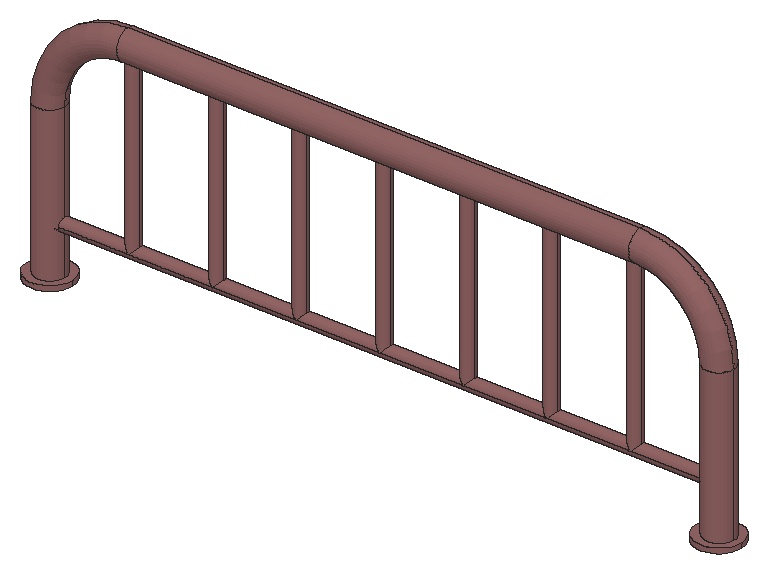
Revit family
Parameters (values of type "2590mm")
  재료 = 금속 - 페인트 마감 - 인디언 빨간색, 무광
Reference planes
  plane 1 "중심(앞/뒤)": y = 0
  plane 2: z = 0
  plane 3 "중심(왼쪽/오른쪽)": x = 483.391
  plane 4: x = -812.009
  plane 5: x = 1778.791
  plane 6: z = 914.4
  plane 7: z = 203.2
  plane 8: x = -488.159
  plane 9: x = -164.309
  plane 10: x = 159.541
  plane 11: x = 807.241
  plane 12: x = 1131.091
  plane 13: x = 1454.941
Forms (mm)
  Sweep 1, solid, material "금속 - 페인트 마감 - 인디언 빨간색, 무광" <- "재료"
    path origin (0, 0, 0) x (1, 0, 0) y (0, 0, 1)
      loop
        line (-812.009, 0) -> (-812.009, 609.6)
        arc (-812.009, 609.6) -> (-722.736, 825.126) -> (-507.209, 914.4) r 304.8
        line (-507.209, 914.4) -> (1473.991, 914.4)
        arc (1473.991, 914.4) -> (1689.517, 825.126) -> (1778.791, 609.6) r 304.8
        line (1778.791, 609.6) -> (1778.791, 0)
    profile origin (0, 0, 304.8) x (-1, 0, 0) y (0, -1, 0)
      loop
        circle (812.009, 0) r 57.15
  Extrusion 2, solid, material "금속 - 페인트 마감 - 인디언 빨간색, 무광" <- "재료"
    sketch origin (0, 0, 0) x (1, 0, 0) y (0, 1, 0)
      loop
        circle (-812.009, 0) r 88.9
      loop
        circle (1778.791, 0) r 88.9
    from 0 to 19.05
  Extrusion 3, solid, material "금속 - 페인트 마감 - 인디언 빨간색, 무광" <- "재료"
    sketch origin (483.391, 0, 0) x (0, 1, 0) y (0, 0, 1)
      loop
        circle (0, 203.2) r 25.4
    from -1295.4 to 1295.4
  Extrusion 4, solid, material "금속 - 페인트 마감 - 인디언 빨간색, 무광" <- "재료"
    sketch origin (0, 0, 0) x (1, 0, 0) y (0, 1, 0)
      loop
        circle (-488.159, 0) r 25.4
      loop
        circle (-164.309, 0) r 25.4
      loop
        circle (159.541, 0) r 25.4
      loop
        circle (483.391, 0) r 25.4
      loop
        circle (807.241, 0) r 25.4
      loop
        circle (1131.091, 0) r 25.4
      loop
        circle (1454.941, 0) r 25.4
    from 203.2 to 914.4
Lines and regions (mm)
  symbolic lines, style "대지 액세서리"
    curve 1: line (1778.791, 57.15, 0) -> (-812.009, 57.15, 0)
    curve 2: line (-812.009, -57.15, 0) -> (1778.791, -57.15, 0)
    curve 3: arc (1778.791, -57.15, 0) -> (1835.941, 0, 0) -> (1778.791, 57.15, 0) r 57.15
    curve 4: arc (-812.009, 57.15, 0) -> (-869.159, 0, 0) -> (-812.009, -57.15, 0) r 57.15
    curve 5: arc (-743.913, 57.15, 0) -> (-900.909, 0, 0) -> (-743.913, -57.15, 0) r 88.9
    curve 6: arc (1710.694, 57.15, 0) -> (1867.691, 0, 0) -> (1710.694, -57.15, 0) r 88.9
Dimensions and locks
  plane 4 to plane 5 = 2590.8 mm
  equal spacing: plane 4, plane 3 "중심(왼쪽/오른쪽)", plane 5
  aligned and locked: Extrusion 3 to plane 5
  aligned and locked: plane 4 to Extrusion 3
  aligned and locked: Extrusion 4 to plane 6
